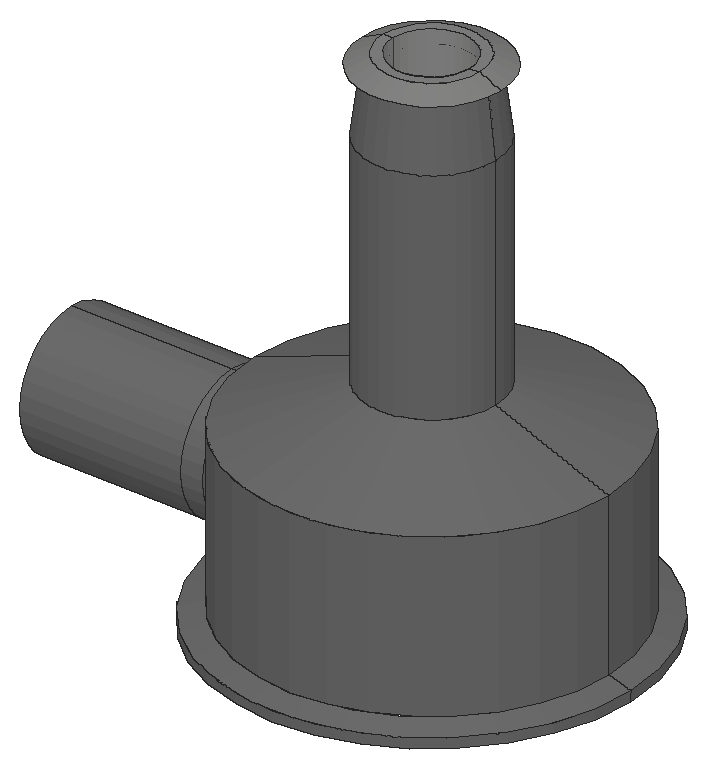
Revit family "Platek_Pico", category Apparecchi per illuminazione, host Superficie, Revit 2017 (continued)
Types (3, lengths in mm): name | Wattage | PLATEK Article Code | built-in parameter 1150142 | Luminaire Luminous Intensity | Luminaire Luminous Flux | built-in parameter 1150105 | built-in parameter 1150106 | Lumens | File diagramma fotometrico | Codice assieme | Beam Angle
  8495011_1,4W_LED_3000K_Full Inox | 0.572229 W | "8495011" | "IESNA:LM-63-2002\r\n[TEST] 8495011\r\n[TESTLAB] Platek srl\r\n[TESTDATE] 11 Feb 2016\r\n[ISSUEDATE] 11 Feb 2016\r\n[MANUFAC] Platek srl\r\n[LUMCAT] 8495011\r\n[LUMINAIRE] Pico Full Inox 1,4W (LED - 3000K) 20° Medium\r\n[FLASHAREA] 0.000027\r\n[LAMPCAT] LED\r\n[LAMP] LED\r\nTILT=NONE\r\n1 95.00 1.0 91 73 1 2 -0.012 -0.012 0.000\r\n1.00 1.00 1.40\r\n0.00 1.00 2.00 3.00 4.00 5.00 6.00 7.00 8.00 9.00 10.00 \r\n11.00 12.00 13.00 14.00 15.00 16.00 17.00 18.00 19.00 \r\n20.00 21.00 22.00 23.00 24.00 25.00 26.00 27.00 28.00 \r\n29.00 30.00 31.00 32.00 33.00 34.00 35.00 36.00 37.00 \r\n38.00 39.00 40.00 41.00 42.00 43.00 44.00 45.00 46.00 \r\n47.00 48.00 49.00 50.00 51.00 52.00 53.00 54.00 55.00 \r\n56.00 57.00 58.00 59.00 60.00 61.00 62.00 63.00 64.00 \r\n65.00 66.00 67.00 68.00 69.00 70.00 71.00 72.00 73.00 \r\n74.00 75.00 76.00 77.00 78.00 79.00 80.00 81.00 82.00 \r\n83.00 84.00 85.00 86.00 87.00 88.00 89.00 90.00 \r\n0.00 5.00 10.00 15.00 20.00 25.00 30.00 35.00 40.00 45.00 \r\n50.00 55.00 60.00 65.00 70.00 75.00 80.00 85.00 90.00 \r\n95.00 100.00 105.00 110.00 115.00 120.00 125.00 130.00 \r\n135.00 140.00 145.00 150.00 155.00 160.00 165.00 170.00 \r\n175.00 180.00 185.00 190.00 195.00 200.00 205.00 210.00 \r\n215.00 220.00 225.00 230.00 235.00 240.00 245.00 250.00 \r\n255.00 260.00 265.00 270.00 275.00 280.00 285.00 290.00 \r\n295.00 300.00 305.00 310.00 315.00 320.00 325.00 330.00 \r\n335.00 340.00 345.00 350.00 355.00 360.00 \r\n662.15 652.65 641.25 623.20 590.90 547.20 493.05 442.70 \r\n393.30 346.75 299.25 256.50 216.60 179.55 146.30 117.80 \r\n93.20 73.63 57.57 45.22 35.24 27.93 22.42 18.62 15.96 \r\n13.68 11.59 9.97 8.90 8.16 7.28 6.17 5.21 4.37 3.69 2.78 \r\n2.09 1.57 1.45 1.32 1.16 1.03 0.99 1.07 1.06 1.11 1.11 \r\n1.19 1.22 1.34 1.43 1.47 1.32 1.16 1.01 0.98 0.88 0.79 \r\n0.61 0.50 0.41 0.38 0.33 0.27 0.22 0.20 0.22 0.21 0.18 \r\n0.13 0.10 0.07 0.06 0.05 0.04 0.03 0.03 0.02 0.03 0.03 \r\n0.03 0.02 0.01 0.00 0.00 0.00 0.00 0.00 0.00 0.00 0.00 \r\n662.15 649.80 638.40 623.20 591.85 547.20 493.05 443.65 \r\n395.20 347.70 299.25 255.55 214.70 177.65 144.40 115.90 \r\n92.25 73.34 57.66 45.31 35.53 28.21 22.80 18.81 16.05 \r\n13.78 11.78 10.07 9.06 8.32 7.39 6.19 5.10 4.22 3.58 2.77 \r\n2.14 1.61 1.48 1.34 1.20 1.03 0.94 0.99 1.00 1.06 1.05 \r\n1.15 1.19 1.34 1.40 1.42 1.24 1.09 0.95 0.96 0.89 0.85 \r\n0.67 0.55 0.42 0.38 0.32 0.29 0.25 0.25 0.25 0.22 0.18 \r\n0.13 0.11 0.08 0.08 0.06 0.06 0.04 0.03 0.02 0.02 0.02 \r\n0.02 0.01 0.00 0.00 0.00 0.00 0.00 0.00 0.00 0.00 0.00 \r\n662.15 655.50 646.00 627.00 591.85 546.25 494.95 444.60 \r\n395.20 345.80 298.30 253.65 212.80 174.80 142.50 114.95 \r\n92.63 74.20 58.62 45.98 36.10 28.50 23.18 18.91 16.25 \r\n13.78 12.06 10.26 9.06 8.11 7.29 6.16 5.04 4.07 3.37 2.69 \r\n2.11 1.61 1.38 1.26 1.20 1.09 1.01 1.03 1.02 1.06 1.04 \r\n1.14 1.19 1.32 1.31 1.28 1.10 1.01 0.93 1.00 0.98 0.95 \r\n0.75 0.60 0.45 0.41 0.37 0.34 0.31 0.30 0.30 0.26 0.21 \r\n0.14 0.10 0.07 0.07 0.07 0.07 0.06 0.03 0.02 0.01 0.01 \r\n0.02 0.01 0.00 0.00 0.00 0.00 0.00 0.00 0.00 0.00 0.00 \r\n662.15 653.60 641.25 621.30 588.05 545.30 497.80 446.50 \r\n395.20 343.90 296.40 251.75 209.95 172.90 142.50 114.95 \r\n93.00 74.39 59.28 46.74 36.58 28.50 22.89 18.52 15.96 \r\n13.68 12.06 10.36 9.05 7.93 7.07 5.99 4.92 3.95 3.30 2.71 \r\n2.16 1.61 1.32 1.24 1.24 1.16 1.04 0.99 0.98 1.00 1.00 \r\n1.09 1.14 1.24 1.20 1.13 0.98 0.95 0.95 1.04 1.04 1.00 \r\n0.80 0.63 0.49 0.43 0.39 0.36 0.33 0.30 0.28 0.23 0.18 \r\n0.13 0.09 0.06 0.06 0.08 0.09 0.08 0.05 0.03 0.01 0.01 \r\n0.01 0.01 0.01 0.00 0.00 0.00 0.00 0.00 0.00 0.00 0.00 \r\n662.15 652.65 638.40 616.55 582.35 542.45 495.90 445.55 \r\n394.25 342.95 297.35 252.70 210.90 173.85 143.45 116.85 \r\n94.34 74.95 59.85 47.12 36.86 28.50 22.99 18.81 16.15 \r\n13.78 12.26 10.45 9.03 7.76 6.91 5.92 4.96 4.01 3.32 2.68 \r\n2.10 1.57 1.29 1.24 1.25 1.16 1.06 1.03 1.04 1.04 1.08 \r\n1.15 1.20 1.21 1.13 1.05 0.95 0.94 0.95 1.01 1.01 0.94 \r\n0.78 0.62 0.51 0.45 0.41 0.34 0.30 0.27 0.25 0.20 0.16 \r\n0.11 0.08 0.05 0.05 0.08 0.10 0.10 0.06 0.04 0.02 0.02 \r\n0.01 0.02 0.01 0.01 0.00 0.00 0.00 0.00 0.00 0.00 0.00 \r\n662.15 646.00 628.90 609.90 578.55 542.45 495.90 446.50 \r\n394.25 343.90 296.40 250.80 209.95 172.90 143.45 116.85 \r\n94.14 74.48 59.66 46.93 37.05 28.79 23.37 19.19 16.34 \r\n13.87 12.06 10.45 9.13 7.88 6.84 5.74 4.86 4.03 3.46 2.79 \r\n2.23 1.67 1.41 1.26 1.23 1.10 1.03 0.99 1.04 1.06 1.14 \r\n1.21 1.22 1.18 1.09 1.04 1.01 1.00 1.00 0.95 0.89 0.79 \r\n0.68 0.57 0.52 0.47 0.45 0.37 0.31 0.25 0.22 0.17 0.15 \r\n0.12 0.09 0.06 0.06 0.09 0.10 0.10 0.07 0.06 0.03 0.02 \r\n0.01 0.02 0.02 0.02 0.01 0.00 0.00 0.00 0.00 0.00 0.00 \r\n662.15 643.15 626.05 607.05 577.60 539.60 494.00 444.60 \r\n394.25 342.95 295.45 248.90 208.05 171.95 142.50 115.90 \r\n93.67 74.20 59.28 46.65 37.24 29.36 24.23 19.95 16.82 \r\n13.96 11.88 10.26 9.05 7.90 6.86 5.70 4.84 4.04 3.47 2.79 \r\n2.24 1.74 1.46 1.25 1.13 1.02 0.99 1.00 1.08 1.15 1.25 \r\n1.30 1.27 1.18 1.09 1.06 1.08 1.06 1.04 0.92 0.82 0.69 \r\n0.62 0.55 0.53 0.51 0.49 0.41 0.33 0.25 0.21 0.18 0.17 \r\n0.15 0.12 0.10 0.08 0.09 0.09 0.09 0.06 0.05 0.03 0.02 \r\n0.01 0.03 0.03 0.02 0.01 0.00 0.00 0.00 0.00 0.00 0.00 \r\n662.15 646.00 632.70 613.70 582.35 540.55 494.95 444.60 \r\n394.25 341.05 292.60 246.05 206.15 170.05 139.65 114.00 \r\n91.48 72.96 58.33 46.27 37.24 29.55 24.32 19.86 16.63 \r\n13.68 11.50 9.88 8.89 7.88 6.85 5.61 4.69 3.92 3.43 2.85 \r\n2.39 1.92 1.58 1.26 1.09 1.00 1.01 1.03 1.10 1.18 1.29 \r\n1.36 1.31 1.20 1.08 1.08 1.13 1.16 1.11 0.99 0.82 0.68 \r\n0.60 0.57 0.57 0.55 0.52 0.44 0.35 0.26 0.22 0.19 0.20 \r\n0.19 0.16 0.13 0.10 0.10 0.07 0.07 0.06 0.05 0.03 0.02 \r\n0.02 0.03 0.03 0.03 0.02 0.01 0.00 0.00 0.00 0.00 0.00 \r\n662.15 650.75 640.30 619.40 585.20 537.70 490.20 439.85 \r\n389.50 338.20 289.75 245.10 205.20 169.10 137.75 111.15 \r\n89.59 71.92 57.48 45.79 36.86 29.36 23.94 19.57 16.34 \r\n13.59 11.40 9.79 8.81 7.96 7.03 5.81 4.78 3.92 3.33 2.82 \r\n2.41 2.00 1.61 1.29 1.09 1.03 1.04 1.07 1.14 1.24 1.37 \r\n1.43 1.36 1.22 1.07 1.07 1.12 1.19 1.14 1.04 0.89 0.77 \r\n0.66 0.64 0.62 0.59 0.53 0.42 0.34 0.25 0.23 0.22 0.23 \r\n0.21 0.18 0.15 0.12 0.10 0.07 0.06 0.05 0.04 0.03 0.02 \r\n0.02 0.03 0.03 0.03 0.01 0.01 0.00 0.00 0.00 0.00 0.00 \r\n662.15 658.35 648.85 626.05 588.05 539.60 487.35 435.10 \r\n383.80 333.45 285.95 243.20 203.30 167.20 135.85 109.25 \r\n88.06 70.87 56.52 45.13 36.38 29.07 23.66 19.29 16.15 \r\n13.59 11.40 9.79 8.71 7.86 6.96 5.85 4.81 3.90 3.27 2.80 \r\n2.46 2.12 1.74 1.42 1.19 1.11 1.07 1.10 1.14 1.25 1.35 \r\n1.42 1.34 1.20 1.05 1.07 1.17 1.24 1.19 1.08 0.94 0.83 \r\n0.74 0.70 0.65 0.59 0.51 0.41 0.34 0.28 0.25 0.24 0.22 \r\n0.19 0.16 0.15 0.13 0.12 0.09 0.07 0.06 0.06 0.04 0.03 \r\n0.02 0.03 0.02 0.02 0.01 0.01 0.00 0.01 0.01 0.01 0.00 \r\n662.15 654.55 642.20 621.30 586.15 538.65 485.45 430.35 \r\n379.05 329.65 283.10 239.40 200.45 166.25 134.90 109.25 \r\n88.06 70.78 55.95 44.65 35.81 29.07 23.75 19.76 16.63 \r\n14.06 11.88 10.07 8.89 8.00 7.11 6.09 5.02 4.08 3.32 2.86 \r\n2.49 2.18 1.76 1.44 1.19 1.07 1.01 1.05 1.08 1.18 1.24 \r\n1.34 1.30 1.20 1.10 1.12 1.20 1.21 1.15 1.03 0.91 0.84 \r\n0.76 0.73 0.65 0.56 0.46 0.38 0.34 0.30 0.27 0.25 0.22 \r\n0.19 0.16 0.14 0.13 0.12 0.10 0.08 0.06 0.06 0.04 0.03 \r\n0.02 0.02 0.02 0.02 0.01 0.00 0.01 0.02 0.02 0.02 0.00 \r\n662.15 656.45 642.20 621.30 582.35 536.75 483.55 430.35 \r\n378.10 327.75 279.30 235.60 197.60 164.35 134.90 110.20 \r\n88.45 70.58 55.38 44.37 35.72 29.36 24.04 20.14 17.10 \r\n14.54 12.26 10.45 9.03 7.99 7.01 6.08 5.04 4.16 3.40 2.94 \r\n2.51 2.20 1.78 1.50 1.21 1.06 0.97 1.01 1.03 1.12 1.18 \r\n1.29 1.30 1.25 1.24 1.24 1.28 1.22 1.13 0.97 0.86 0.81 \r\n0.76 0.72 0.60 0.47 0.37 0.33 0.32 0.31 0.27 0.23 0.18 \r\n0.17 0.15 0.14 0.13 0.11 0.09 0.08 0.07 0.06 0.05 0.04 \r\n0.02 0.02 0.02 0.01 0.01 0.00 0.01 0.02 0.02 0.02 0.00 \r\n662.15 652.65 636.50 613.70 573.80 530.10 480.70 429.40 \r\n378.10 325.85 277.40 232.75 196.65 164.35 135.85 111.15 \r\n89.39 71.06 55.67 44.84 35.91 29.26 23.66 20.05 17.29 \r\n15.01 12.82 11.02 9.49 8.26 7.15 6.20 5.21 4.32 3.54 3.03 \r\n2.49 2.11 1.69 1.44 1.18 1.04 0.96 0.98 1.00 1.09 1.17 \r\n1.28 1.31 1.33 1.36 1.33 1.27 1.11 0.99 0.87 0.82 0.80 \r\n0.75 0.67 0.53 0.39 0.29 0.27 0.28 0.28 0.23 0.19 0.16 \r\n0.17 0.18 0.16 0.14 0.10 0.07 0.06 0.05 0.05 0.05 0.03 \r\n0.02 0.02 0.02 0.02 0.01 0.00 0.00 0.01 0.01 0.01 0.00 \r\n662.15 657.40 639.35 609.90 564.30 519.65 473.10 426.55 \r\n377.15 324.90 276.45 232.75 195.70 162.45 134.90 110.20 \r\n88.35 70.11 55.58 45.22 36.29 29.16 23.37 19.86 17.20 \r\n15.01 13.02 11.30 9.79 8.35 7.15 6.11 5.19 4.30 3.56 2.91 \r\n2.28 1.86 1.56 1.40 1.23 1.10 1.02 1.00 1.04 1.19 1.28 \r\n1.35 1.34 1.39 1.43 1.39 1.27 1.06 0.95 0.88 0.87 0.85 \r\n0.78 0.65 0.50 0.37 0.29 0.27 0.26 0.26 0.20 0.15 0.12 \r\n0.13 0.16 0.16 0.14 0.11 0.07 0.05 0.04 0.05 0.05 0.03 \r\n0.02 0.02 0.01 0.01 0.01 0.00 0.00 0.00 0.00 0.00 0.00 \r\n662.15 653.60 633.65 602.30 557.65 513.95 469.30 423.70 \r\n375.25 324.90 276.45 232.75 193.80 160.55 133.00 108.30 \r\n87.40 69.64 55.95 45.51 36.48 28.88 23.18 19.66 17.10 \r\n14.92 13.02 11.40 9.88 8.43 7.30 6.17 5.29 4.30 3.50 2.71 \r\n2.08 1.64 1.42 1.28 1.18 1.06 1.00 0.96 1.03 1.18 1.28 \r\n1.31 1.27 1.33 1.41 1.37 1.22 0.99 0.89 0.89 0.95 0.92 \r\n0.83 0.67 0.54 0.41 0.35 0.31 0.28 0.26 0.20 0.15 0.11 \r\n0.11 0.13 0.14 0.13 0.11 0.08 0.06 0.04 0.03 0.03 0.02 \r\n0.02 0.02 0.01 0.01 0.00 0.00 0.00 0.00 0.00 0.00 0.00 \r\n662.15 659.30 641.25 607.05 558.60 512.05 465.50 418.95 \r\n371.45 323.00 277.40 232.75 193.80 159.60 131.10 106.40 \r\n85.88 68.78 55.95 45.51 36.86 29.36 24.23 20.33 17.39 \r\n14.82 12.73 11.12 9.79 8.44 7.32 6.09 5.18 4.13 3.33 2.52 \r\n1.95 1.53 1.33 1.17 1.08 0.98 0.96 0.93 1.03 1.18 1.31 \r\n1.34 1.31 1.32 1.37 1.31 1.19 0.98 0.92 0.96 1.00 0.95 \r\n0.83 0.68 0.58 0.48 0.42 0.36 0.32 0.27 0.20 0.14 0.09 \r\n0.08 0.09 0.10 0.09 0.09 0.07 0.06 0.04 0.03 0.02 0.01 \r\n0.01 0.01 0.01 0.00 0.00 0.00 0.00 0.00 0.00 0.00 0.00 \r\n662.15 657.40 639.35 604.20 559.55 513.00 466.45 418.95 \r\n370.50 323.95 277.40 233.70 194.75 160.55 132.05 107.35 \r\n86.73 69.83 56.72 45.79 37.52 30.59 25.55 21.28 17.77 \r\n14.92 12.63 11.02 9.69 8.46 7.33 6.09 5.05 3.99 3.17 2.40 \r\n1.90 1.51 1.28 1.08 0.93 0.84 0.83 0.82 0.93 1.06 1.24 \r\n1.32 1.34 1.33 1.35 1.28 1.15 0.96 0.90 0.94 0.97 0.92 \r\n0.80 0.67 0.57 0.47 0.41 0.35 0.32 0.28 0.22 0.15 0.09 \r\n0.07 0.06 0.07 0.06 0.06 0.06 0.05 0.03 0.01 0.01 0.00 \r\n0.00 0.00 0.00 0.00 0.00 0.00 0.00 0.00 0.00 0.00 0.00 \r\n662.15 650.75 632.70 600.40 560.50 512.05 463.60 415.15 \r\n368.60 323.00 278.35 234.65 196.65 162.45 133.00 108.30 \r\n87.88 71.25 57.95 47.02 38.95 32.40 27.27 22.42 18.34 \r\n15.20 13.02 11.50 10.07 8.82 7.46 6.07 4.84 3.74 2.92 \r\n2.21 1.77 1.45 1.24 1.03 0.84 0.75 0.76 0.80 0.91 1.05 \r\n1.25 1.40 1.46 1.43 1.39 1.29 1.17 1.01 0.95 0.95 0.95 \r\n0.87 0.75 0.59 0.48 0.39 0.35 0.30 0.27 0.23 0.19 0.14 \r\n0.09 0.06 0.06 0.06 0.05 0.04 0.03 0.03 0.02 0.01 0.00 \r\n0.00 0.00 0.00 0.00 0.00 0.00 0.00 0.00 0.00 0.00 0.00 \r\n0.00 \r\n662.15 635.55 614.65 588.05 555.75 509.20 460.75 412.30 \r\n366.70 323.95 280.25 236.55 197.60 162.45 133.95 109.25 \r\n90.06 73.44 59.76 48.36 40.19 33.73 28.21 22.99 18.71 \r\n15.77 13.78 12.26 10.83 9.41 7.84 6.22 4.74 3.52 2.64 \r\n1.95 1.56 1.31 1.14 0.95 0.74 0.66 0.67 0.75 0.87 1.04 \r\n1.24 1.41 1.47 1.43 1.38 1.30 1.21 1.06 0.99 0.95 0.93 \r\n0.83 0.71 0.54 0.43 0.34 0.32 0.27 0.25 0.22 0.19 0.14 \r\n0.09 0.06 0.05 0.06 0.05 0.04 0.03 0.02 0.01 0.00 0.00 \r\n0.00 0.00 0.00 0.00 0.00 0.00 0.00 0.00 0.00 0.00 0.00 \r\n0.00 \r\n662.15 629.85 607.05 583.30 553.85 507.30 456.00 404.70 \r\n361.00 320.15 277.40 235.60 196.65 162.45 133.95 111.15 \r\n91.86 75.43 61.56 50.06 41.33 34.30 28.50 23.37 19.29 \r\n16.53 14.82 13.39 11.78 10.17 8.31 6.43 4.73 3.34 2.36 \r\n1.68 1.34 1.17 1.02 0.85 0.69 0.66 0.68 0.77 0.87 1.04 \r\n1.23 1.39 1.44 1.40 1.32 1.24 1.19 1.10 1.06 1.01 0.96 \r\n0.85 0.70 0.51 0.40 0.33 0.31 0.28 0.24 0.21 0.17 0.12 \r\n0.09 0.07 0.07 0.08 0.07 0.05 0.03 0.02 0.01 0.01 0.00 \r\n0.01 0.02 0.02 0.02 0.01 0.00 0.00 0.00 0.00 0.00 0.00 \r\n0.00 \r\n662.15 634.60 609.90 582.35 550.05 504.45 455.05 403.75 \r\n358.15 315.40 273.60 233.70 194.75 161.50 133.95 112.10 \r\n92.63 76.38 62.41 50.83 41.42 33.91 28.21 23.56 19.95 \r\n17.39 15.48 13.96 12.26 10.45 8.54 6.56 4.72 3.26 2.21 \r\n1.53 1.16 1.00 0.85 0.72 0.65 0.69 0.74 0.82 0.90 1.05 \r\n1.20 1.32 1.37 1.31 1.21 1.07 1.06 1.05 1.06 1.03 0.96 \r\n0.86 0.72 0.56 0.47 0.43 0.39 0.34 0.29 0.26 0.21 0.17 \r\n0.12 0.10 0.10 0.09 0.07 0.05 0.03 0.03 0.02 0.01 0.01 \r\n0.02 0.04 0.04 0.04 0.02 0.01 0.00 0.00 0.00 0.00 0.00 \r\n0.00 \r\n662.15 645.05 622.25 589.95 550.05 504.45 455.05 404.70 \r\n356.25 309.70 266.95 228.00 191.90 161.50 133.95 112.10 \r\n92.44 76.28 62.61 51.30 41.52 33.73 28.21 24.13 20.71 \r\n18.05 15.87 14.15 12.26 10.36 8.40 6.45 4.62 3.17 2.16 \r\n1.49 1.10 0.87 0.72 0.64 0.67 0.75 0.82 0.87 0.95 1.07 \r\n1.20 1.28 1.34 1.28 1.20 1.04 1.03 1.04 1.09 1.07 1.01 \r\n0.91 0.77 0.64 0.54 0.47 0.40 0.36 0.30 0.28 0.23 0.21 \r\n0.18 0.16 0.14 0.12 0.09 0.06 0.04 0.04 0.03 0.02 0.02 \r\n0.03 0.05 0.06 0.06 0.04 0.02 0.01 0.00 0.00 0.00 0.00 \r\n0.00 \r\n662.15 649.80 627.95 591.85 546.25 499.70 452.20 405.65 \r\n354.35 305.90 262.20 225.15 190.95 160.55 133.95 112.10 \r\n91.67 75.91 62.70 51.77 41.99 34.20 28.69 24.80 21.47 \r\n18.52 15.96 13.78 11.78 10.07 8.15 6.22 4.40 3.00 2.09 \r\n1.49 1.09 0.80 0.65 0.63 0.72 0.82 0.91 0.98 1.07 1.18 \r\n1.27 1.31 1.35 1.28 1.22 1.07 1.05 1.04 1.08 1.07 1.04 \r\n0.97 0.86 0.76 0.65 0.57 0.46 0.39 0.31 0.29 0.26 0.26 \r\n0.23 0.22 0.18 0.14 0.10 0.08 0.06 0.05 0.04 0.02 0.03 \r\n0.04 0.06 0.07 0.06 0.05 0.02 0.01 0.00 0.00 0.00 0.00 \r\n0.00 \r\n662.15 649.80 628.90 592.80 544.35 494.95 447.45 401.85 \r\n352.45 304.00 261.25 224.20 191.90 162.45 134.90 112.10 \r\n92.15 76.28 63.37 52.63 43.13 35.34 29.64 25.37 21.85 \r\n18.71 16.05 13.87 11.88 9.97 8.03 6.01 4.25 2.86 2.04 \r\n1.50 1.15 0.84 0.70 0.70 0.80 0.86 0.95 1.01 1.13 1.22 \r\n1.32 1.34 1.38 1.33 1.31 1.23 1.18 1.12 1.10 1.08 1.05 \r\n1.01 0.92 0.82 0.70 0.61 0.49 0.41 0.31 0.27 0.25 0.27 \r\n0.27 0.26 0.21 0.17 0.13 0.11 0.10 0.07 0.06 0.04 0.05 \r\n0.05 0.07 0.07 0.06 0.04 0.02 0.00 0.00 0.00 0.00 0.00 \r\n0.00 \r\n662.15 646.95 623.20 586.15 536.75 487.35 438.90 396.15 \r\n347.70 302.10 260.30 225.15 193.80 163.40 135.85 112.10 \r\n93.00 77.42 64.60 53.58 44.37 36.38 30.40 25.75 22.23 \r\n19.19 16.63 14.35 12.35 10.36 8.32 6.09 4.23 2.76 1.95 \r\n1.41 1.10 0.85 0.79 0.84 0.92 0.94 1.00 1.04 1.14 1.20 \r\n1.29 1.35 1.43 1.42 1.40 1.31 1.24 1.13 1.10 1.05 1.06 \r\n1.04 0.98 0.88 0.78 0.70 0.58 0.47 0.34 0.28 0.26 0.28 \r\n0.29 0.26 0.21 0.17 0.14 0.14 0.13 0.11 0.08 0.06 0.07 \r\n0.08 0.09 0.08 0.05 0.03 0.01 0.01 0.00 0.00 0.00 0.00 \r\n0.00 \r\n662.15 646.95 622.25 587.10 537.70 487.35 437.00 392.35 \r\n346.75 303.05 262.20 226.10 193.80 162.45 134.90 112.10 \r\n93.86 78.56 65.27 53.96 44.74 36.86 30.78 26.03 22.52 \r\n19.76 17.29 15.20 13.21 11.02 8.74 6.32 4.40 2.88 1.97 \r\n1.36 1.05 0.88 0.86 0.93 1.00 1.00 1.02 1.04 1.13 1.17 \r\n1.25 1.34 1.46 1.52 1.51 1.40 1.28 1.18 1.17 1.09 1.08 \r\n1.04 1.02 0.91 0.79 0.70 0.61 0.50 0.38 0.30 0.28 0.29 \r\n0.29 0.26 0.21 0.17 0.14 0.14 0.14 0.13 0.11 0.10 0.10 \r\n0.11 0.10 0.08 0.04 0.02 0.01 0.01 0.01 0.00 0.01 0.03 \r\n0.00 \r\n662.15 645.05 616.55 580.45 533.90 485.45 436.05 389.50 \r\n342.95 300.20 260.30 224.20 191.90 160.55 133.95 112.10 \r\n94.24 79.52 65.93 54.34 44.84 37.24 31.25 26.60 23.18 \r\n20.33 17.77 15.58 13.59 11.59 9.21 6.68 4.62 2.99 1.99 \r\n1.32 0.99 0.84 0.84 0.93 1.05 1.06 1.04 1.06 1.14 1.23 \r\n1.29 1.38 1.46 1.53 1.52 1.41 1.31 1.19 1.19 1.12 1.12 \r\n1.07 1.05 0.93 0.80 0.67 0.58 0.50 0.41 0.36 0.34 0.32 \r\n0.29 0.25 0.22 0.18 0.15 0.13 0.13 0.14 0.13 0.13 0.12 \r\n0.12 0.09 0.07 0.03 0.02 0.01 0.01 0.01 0.00 0.01 0.04 \r\n0.25 \r\n662.15 640.30 611.80 574.75 531.05 484.50 436.05 389.50 \r\n342.00 299.25 259.35 224.20 190.00 159.60 132.05 111.15 \r\n94.14 79.61 65.83 54.53 45.13 37.62 31.73 27.17 23.66 \r\n20.62 17.77 15.39 13.39 11.40 9.22 6.82 4.80 3.13 2.04 \r\n1.36 1.02 0.87 0.81 0.90 1.04 1.11 1.08 1.06 1.15 1.26 \r\n1.32 1.36 1.38 1.42 1.42 1.34 1.27 1.19 1.22 1.14 1.14 \r\n1.07 1.05 0.93 0.77 0.63 0.54 0.49 0.44 0.40 0.36 0.31 \r\n0.28 0.25 0.24 0.21 0.17 0.14 0.12 0.13 0.12 0.13 0.10 \r\n0.10 0.07 0.06 0.03 0.02 0.01 0.01 0.01 
